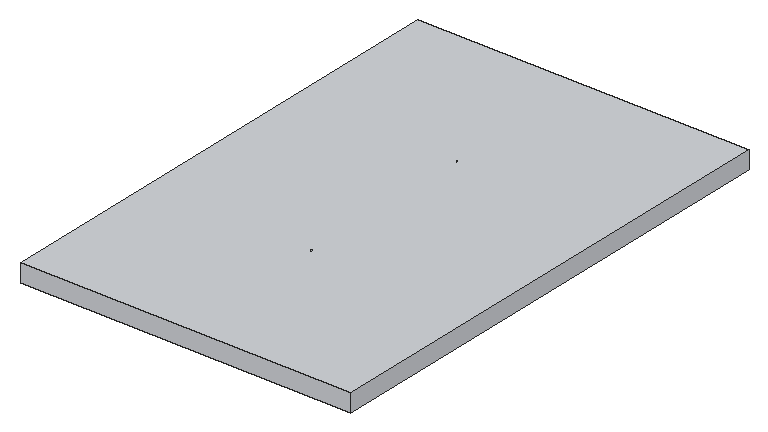
Revit family "ABRFB1480xxWS840LFA0550", category Leuchten, Revit 2019
Family settings
  Basisbauteil = Fläche
  Bemaßung runder Anschluss = Durchmesser verwenden
  Teiletyp = Normal
  OmniClass-Nummer = 23.80.70.11
  OmniClass-Titel = Luminaries for Internal Lighting
  Beim Laden mit Abzugskörper schneiden = Nein
  Lichtquelle = Ja
  Gemeinsam genutzt = Nein
  Raumberechnungspunkt = Nein
Parameters (values of type "ABRFB1480NDWS840LFA0550")
  width = 131 mm  # constant formula
  weight = "5,4"
  voltage type (AC, DC, UC) = "AC"
  suspension hight [instance] = 6 mm
  rated input power = 33.1  # 33
  product name = "ABRFB1480NDWS840LFA0550"
  nominal voltage = "230"
  nominal frequency = "50-60Hz"
  length = 1480 mm  # constant formula
  ingress protection (IP) code = "IP20"
  height = 60 mm  # constant formula
  electrical safety class = "1"
  control gear = ""
  conformity mark = "CE"  # constant formula
  brand = "RIDI"
  approval mark = ""
  built-in parameter 1150104 = 13.8 (stored number, unit not read)
  Wattage = 34.1587 W
  Von Breite des Rechtecks ausssenden = 1386 mm  # constant formula
  Von Länge des Rechtecks aussenden = 64 mm  # constant formula
  Default Elevation = 0 mm
  built-in parameter 1150113 = 1 (stored number, unit not read)
  built-in parameter 1114218 = 1 (stored number, unit not read)
  URL = "www.ridi.de"
  built-in parameter 1150134 = 12
  built-in parameter 1150109 = 1 (stored number, unit not read)
  built-in parameter 1150110 = 1 (stored number, unit not read)
  Apparent Load = 33.1 VA  # constant formula
  Tilt Angle = 90.00°
  Modell = "0627730"
  built-in parameter 1114217 = 1 (stored number, unit not read)
  built-in parameter 1150139 = (empty or 0)
  built-in parameter 1150105 = 403.78 (stored number, unit not read)
  built-in parameter 1150114 = 1 (stored number, unit not read)
  Lumens = 5074 lm
  built-in parameter 1150115 = 1 (stored number, unit not read)
  built-in parameter 1150112 = 1 (stored number, unit not read)
  Lampe = "LED"
  Hersteller = "RIDI Leuchten GmbH"  # constant formula
  Dimming Lamp Color Temperature Shift = (empty or 0)
  Color Filter = 16777215
  built-in parameter 1150133 = 10 (stored number, unit not read)
  Emit Shape Visible in Rendering = no
  built-in parameter 1150137 = (empty or 0)
  built-in parameter 1150132 = 2
  Datei für fotometrisches Netz = "ABRFB_LFA.IES"
  Copyright = "© RIDI. All rights reserved."  # constant formula
  built-in parameter 1150106 = 4.0378 (stored number, unit not read)
  Baugruppenkennzeichen = "D5020200"
  built-in parameter 1150107 = 4000 (stored number, unit not read)
  built-in parameter 1150102 = (empty or 0)
  built-in parameter 1150138 = (empty or 0)
Types (3, lengths in mm): name | product name | Modell
  (no name) | "ABRFB1480NDWS840LFA0550" | "0627730"
  ABRFB1480DAWS840LFA0550 | "ABRFB1480DAWS840LFA0550" | "0637730"
  ABRFB1480NDWS840LFA0550 | "ABRFB1480NDWS840LFA0550" | "0627730"
Reference planes
  plane 1 "Mitte (Vorne/hinten)": y = 0
  plane 2: z = 0
  plane 3 "Mitte (Links/rechts)": x = 0
  plane 4: z = 6
Forms (mm)
  Extrusion 1, solid
    sketch origin (219.2, 280.8, 0) x (1, 0, 0) y (0, 1, 0)
      loop
        line (-1219.2, 1219.2) -> (-1219.2, -1780.8) -> (780.8, -1780.8) -> (780.8, 1219.2) -> (-1219.2, 1219.2)
    from 0 to -107.307
  Extrusion 2, solid
    sketch origin (0, 0, 0) x (1, 0, 0) y (0, 1, 0)
      loop
        circle (0, 549.412) r 1
      loop
        circle (0, -550.203) r 1
    from 0 to 6
Dimensions and locks
  "suspension hight": plane 4 to Extrusion 1
  aligned and locked: plane 2 to Extrusion 1
  aligned and locked: imposter light to plane 3 "Mitte (Links/rechts)"
  aligned and locked: plane 4 to Extrusion 2
  aligned and locked: import instance to plane 4
  aligned and locked: imposter light to import instance
Automatic sketch dimensions
  Extrusion 1 sketch curve to Extrusion 1 sketch curve = 2000 mm
  Extrusion 1 sketch curve to Extrusion 1 sketch curve = 3000 mm
  Extrusion 2 sketch curve to plane 3 "Mitte (Links/rechts)" = 0 mm  (x2)
  plane 1 "Mitte (Vorne/hinten)" to Extrusion 2 sketch curve = 550.203 mm
  Extrusion 2 sketch curve to plane 1 "Mitte (Vorne/hinten)" = 549.412 mm
  radius of Extrusion 2 sketch curve = 1 mm  (x2)
Connectors
  electrical at (45.5, 12, 1), driven by "Apparent Load"
    settings: on import instance, index 1, voltage 230 V, apparent load 0 VA, apparent load phase1 33.1 VA, apparent load phase2 0 VA, apparent load phase3 0 VA, power factor 1, load classification "Lighting", number of poles 1, system type 31, power factor state 1, is connector primary yes, connector utility no, sub classification motor no, connector description ""
